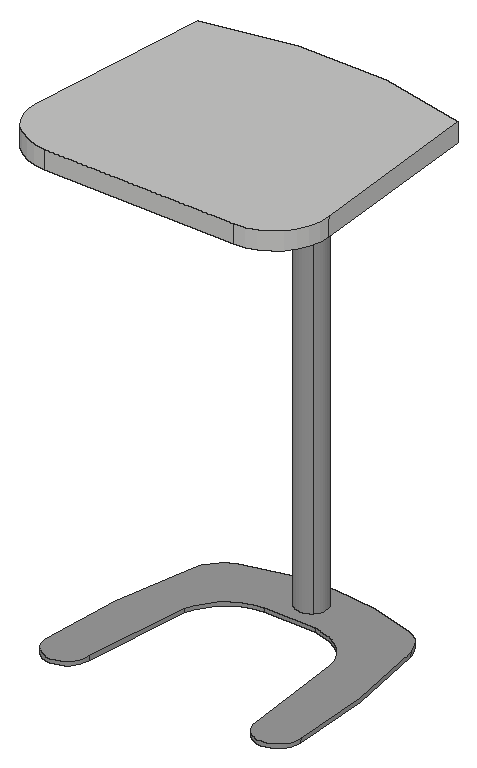
Revit family "Laptop Tables", category Furniture, Revit 2019
Family settings
  OmniClass Number = 23.40.20.00
  OmniClass Title = General Furniture and Specialties
  Work Plane-Based = No
  Always vertical = Yes
  Cut with Voids When Loaded = No
  Shared = No
  Room Calculation Point = No
Parameters (values of type "LAPST")
  URL = "www.gof.co.uk"
  Model = "LAPTOP & UTILITY"
  LAPST Top = Gresham - CONCRETE
  Range = "TABLES"
  Product Data Specification = ""
  Product Code = "LAPST"
  Product Brochure = ""
  Manufacturer = "Gresham Office Furniture"  # constant formula
  Laptop Height [instance] = if(Height Adjustable < 625 mm, 625 mm, (if(Height Adjustable > 1050 mm, 1050 mm, Height Adjustable)))  # 650 mm
  LAPST = yes
  LAPHAM Top = Gresham - BLACK MFC
  LAPHAM Plastic = Gresham - CHROME METAL
  LAPHAM Frame = Gresham - CHROME METAL
  LAPHAM = no
  LAPHA Top = Gresham - CONCRETE
  LAPHA Plastic = Gresham - Black Plastic
  LAPHA Frame = Gresham - BLACK MFC
  LAPHA = no
  Height Adjustable [instance] = 650 mm
  Height = 650 mm
  LAPST Frame = Gresham - BLACK METAL
  LAPST Feet = Gresham - Black Plastic
  H/A Catch = no
  Assembly Code = "E2020200"
Types (4, lengths in mm): name | Product Code | Laptop Height | LAPST | LAPHAM Plastic | LAPHAM | LAPHA Frame | LAPHA | Height Adjustable | LAPST Frame | H/A Catch
  (no name) | "LAPST" | 650 | yes | Gresham - CHROME METAL | no | Gresham - BLACK MFC | no | 650 | Gresham - BLACK METAL | no
  LAPHAM | "LAPHAM" | 625 | no | Gresham - Black Plastic | yes | Gresham - WHITE  METAL | no | 625 | Gresham - CHROME METAL | yes
  LAPHA | "LAPHA" | 650 | no | Gresham - CHROME METAL | no | Gresham - WHITE  METAL | yes | 650 | Gresham - BLACK METAL | yes
  LAPST | "LAPST" | 650 | yes | Gresham - CHROME METAL | no | Gresham - BLACK MFC | no | 650 | Gresham - BLACK METAL | no
Reference planes
  plane 1 "Center (Front/Back)": y = 0
  plane 2: z = 0
  plane 3 "Center (Left/Right)": x = 0
  plane 4 "Table Underside": z = 625
  plane 5: z = 650
  plane 6 "FOOT": z = 2
  plane 7: y = 160
  plane 8: y = -147.157
  plane 9: x = 145
  plane 10: x = 200.266
  plane 11: y = -175
  plane 12: y = 175
  plane 13: x = -199.734
  plane 14: y = 190
  plane 15: y = -190
  plane 16: z = 650
  plane 17: y = 190
  plane 18: y = -190
  plane 19: y = 190
  plane 20: y = -190
Forms (mm)
  Extrusion 1, solid, material "Gresham - BLACK METAL" <- "LAPST Frame", visible <- "LAPST"
    sketch origin (-70.711, 190.872, 10) x (0.707107, -0.707107, 0) y (0.707107, 0.707107, 0)
      loop
        circle (100, 0) r 20
    from -3 to 615
  Extrusion 2, solid, material "Gresham - Black Plastic" <- "LAPST Feet", visible <- "LAPST"
    sketch origin (0, -9.839, 0) x (1, 0, 0) y (0, 1, 0)
      loop
        circle (100, 102.839) r 15
      loop
        circle (-100, 102.839) r 15
      loop
        circle (145, -107.319) r 15
      loop
        circle (-145, -107.319) r 15
    from 0 to 2
  Extrusion 3, solid, material "Gresham - CONCRETE" <- "LAPST Top", visible <- "LAPST"
    sketch origin (770.195, 190.952, 625) x (0, -1, 0) y (1, 0, 0)
      loop
        line (365.952, -900.195) -> (365.952, -640.195)
        arc (365.952, -640.195) -> (343.243, -588.585) -> (289.851, -570.461) r 70
        line (289.851, -570.461) -> (43.006, -592.057)
        arc (43.006, -592.057) -> (15.952, -770.195) -> (43.006, -948.332) r 600
        line (43.006, -948.332) -> (289.851, -969.928)
        arc (289.851, -969.928) -> (343.243, -951.804) -> (365.952, -900.195) r 70
    from 0 to 25
  Extrusion 4, solid, material "Gresham - BLACK METAL" <- "LAPST Frame", visible <- "LAPST"
    sketch origin (0, -9.839, 625) x (0, -1, 0) y (1, 0, 0)
      loop
        circle (-64.839, 0) r 90
    from 0 to -4
  Extrusion 5, solid, material "Gresham - BLACK METAL" <- "LAPST Frame", visible <- "LAPST"
    sketch origin (-77.522, 611.108, 2) x (-1, 0, 0) y (0, -1, 0)
      loop
        arc (-252.522, 728.266) -> (-245.9, 616.614) -> (-226.125, 506.527) r 944.5
        arc (-226.125, 506.527) -> (-214.648, 484.775) -> (-194.189, 471.125) r 50
        arc (-194.189, 471.125) -> (-77.522, 451.108) -> (39.145, 471.125) r 350
        arc (39.145, 471.125) -> (59.604, 484.775) -> (71.08, 506.527) r 50
        arc (71.08, 506.527) -> (90.855, 616.614) -> (97.478, 728.266) r 944.5
        arc (97.478, 728.266) -> (67.478, 758.266) -> (37.478, 728.266) r 30
        arc (37.478, 728.266) -> (33.725, 655.789) -> (22.506, 584.088) r 701.676
        arc (22.506, 584.088) -> (-0.604, 545.464) -> (-42.613, 529.308) r 69
        arc (-42.613, 529.308) -> (-77.522, 528.698) -> (-112.431, 529.308) r 1000
        arc (-112.431, 529.308) -> (-154.44, 545.464) -> (-177.55, 584.088) r 69
        arc (-177.55, 584.088) -> (-188.769, 655.789) -> (-192.522, 728.266) r 701.676
        arc (-192.522, 728.266) -> (-222.522, 758.266) -> (-252.522, 728.266) r 30
    from 0 to 5
  Extrusion 6, solid, material "Gresham - BLACK MFC" <- "LAPHAM Top", visible <- "LAPHAM"
    sketch origin (0, 0, 625) x (0, -1, 0) y (1, 0, 0)
      loop
        line (73.081, 260) -> (-73.081, 260)
        arc (-73.081, 260) -> (-135.964, 237.754) -> (-170.869, 180.915) r 100
        arc (-170.869, 180.915) -> (-190, 0) -> (-170.869, -180.915) r 865
        arc (-170.869, -180.915) -> (-135.964, -237.754) -> (-73.081, -260) r 100
        line (-73.081, -260) -> (73.081, -260)
        arc (73.081, -260) -> (135.964, -237.754) -> (170.869, -180.915) r 100
        arc (170.869, -180.915) -> (190, 0) -> (170.869, 180.915) r 865
        arc (170.869, 180.915) -> (135.964, 237.754) -> (73.081, 260) r 100
    from 7 to 25
  Extrusion 7, solid, material "Gresham - CHROME METAL" <- "LAPHAM Frame", visible <- "LAPHAM"
    sketch origin (-70.711, 190.872, 310) x (0.707107, -0.707107, 0) y (0.707107, 0.707107, 0)
      loop
        circle (100, 0) r 20
    from -305 to 240
  Extrusion 8, solid, material "Gresham - CHROME METAL" <- "LAPHAM Frame", visible <- "LAPHAM"
    sketch origin (-70.711, 190.872, 555) x (0.707107, -0.707107, 0) y (0.707107, 0.707107, 0)
      loop
        circle (100, 0) r 15
    from -5 to 77
  Extrusion 9, solid, material "Gresham - CHROME METAL" <- "LAPHAM Plastic", visible <- "LAPHAM"
    sketch origin (-70.711, 190.872, 707.228) x (0.707107, -0.707107, 0) y (0.707107, 0.707107, 0)
      loop
        circle (100, 0) r 22
    from -157.228 to -152.228
  Extrusion 10, solid, material "Gresham - CHROME METAL" <- "LAPHAM Frame", visible <- "LAPHAM"
    sketch origin (0, 0, 0) x (1, 0, 0) y (0, 1, 0)
      loop
        line (200, -85.345) -> (200, 85.345)
        arc (200, 85.345) -> (188.626, 117.095) -> (159.677, 134.4) r 50
        arc (159.677, 134.4) -> (0, 150) -> (-159.677, 134.4) r 825
        arc (-159.677, 134.4) -> (-188.626, 117.095) -> (-200, 85.345) r 50
        line (-200, 85.345) -> (-200, -85.345)
        arc (-200, -85.345) -> (-188.626, -117.095) -> (-159.677, -134.4) r 50
        arc (-159.677, -134.4) -> (0, -150) -> (159.677, -134.4) r 825
        arc (159.677, -134.4) -> (188.626, -117.095) -> (200, -85.345) r 50
    from 0 to 5
  Extrusion 11, solid, material "Gresham - CONCRETE" <- "LAPHA Top", visible <- "LAPHA"
    sketch origin (770.195, 190.952, 690) x (0, -1, 0) y (1, 0, 0)
      loop
        line (365.952, -900.195) -> (365.952, -640.195)
        arc (365.952, -640.195) -> (343.243, -588.585) -> (289.851, -570.461) r 70
        line (289.851, -570.461) -> (43.006, -592.057)
        arc (43.006, -592.057) -> (15.952, -770.195) -> (43.006, -948.332) r 600
        line (43.006, -948.332) -> (289.851, -969.928)
        arc (289.851, -969.928) -> (343.243, -951.804) -> (365.952, -900.195) r 70
    from -65 to -40
  Extrusion 12, solid, material "Gresham - BLACK MFC" <- "LAPHA Frame", visible <- "LAPHA"
    sketch origin (-70.711, 190.872, 600) x (0.707107, -0.707107, 0) y (0.707107, 0.707107, 0)
      loop
        circle (100, 0) r 20
    from -595 to -50
  Extrusion 13, solid, material "Gresham - BLACK MFC" <- "LAPHA Frame", visible <- "LAPHA"
    sketch origin (0, 0, 0) x (1, 0, 0) y (0, 1, 0)
      loop
        arc (155.806, 139.778) -> (0, 155) -> (-155.806, 139.778) r 805
        arc (-155.806, 139.778) -> (-173.175, 129.395) -> (-180, 110.345) r 30
        line (-180, 110.345) -> (-180, -60.345)
        arc (-180, -60.345) -> (-173.175, -79.395) -> (-155.806, -89.778) r 30
        arc (-155.806, -89.778) -> (0, -105) -> (155.806, -89.778) r 805
        arc (155.806, -89.778) -> (173.175, -79.395) -> (180, -60.345) r 30
        line (180, -60.345) -> (180, 110.345)
        arc (180, 110.345) -> (173.175, 129.395) -> (155.806, 139.778) r 30
    from 0 to 5
  Extrusion 14, solid, material "Gresham - BLACK MFC" <- "LAPHA Frame", visible <- "LAPHA"
    sketch origin (-70.711, 190.872, 730) x (0.707107, -0.707107, 0) y (0.707107, 0.707107, 0)
      loop
        circle (100, 0) r 15
    from -175 to -105
  Extrusion 15, solid, material "Gresham - Black Plastic" <- "LAPHA Plastic", visible <- "LAPHA"
    sketch origin (-70.711, 190.872, 882.228) x (0.707107, -0.707107, 0) y (0.707107, 0.707107, 0)
      loop
        circle (100, 0) r 22
    from -332.228 to -327.228
  Extrusion 16, solid, material "Gresham - BLACK METAL", visible <- "H/A Catch"
    sketch origin (1, 0, 0) x (0, 1, 0) y (0, 0, -1)
      loop
        line (94.925, -542.839) -> (102.9, -542.839) -> (102.9, -527.839) -> (94.925, -527.839)
        arc (94.925, -527.839) -> (87.425, -535.339) -> (94.925, -542.839) r 7.5
    from 6.517 to 14.517
  Extrusion 17, solid, material "Gresham - CHROME METAL", visible <- "H/A Catch"
    sketch origin (0, 0, 0) x (0, 1, 0) y (0, 0, 1)
      loop
        arc (99.425, 535.339) -> (92.284, 538.983) -> (93.525, 531.063) r 4.5
        line (93.525, 531.063) -> (93.525, 526.063) -> (97.182, 526.063)
        arc (97.182, 526.063) -> (98.824, 527.706) -> (99.425, 529.95) r 4.49
        line (99.425, 529.95) -> (99.425, 535.339)
    from -5 to 5
  Extrusion 18, solid, material "Gresham - CHROME METAL", visible <- "H/A Catch"
    sketch origin (0, 0, 0) x (1, 0, 0) y (0, 0, 1)
      loop
        line (7.5, 496.91) -> (7.5, 519.41)
        arc (7.5, 519.41) -> (0, 526.91) -> (-7.5, 519.41) r 7.5
        line (-7.5, 519.41) -> (-7.5, 496.91)
        arc (-7.5, 496.91) -> (0, 489.41) -> (7.5, 496.91) r 7.5
    from -97.206 to -92.981
  Extrusion 19, solid, material "Gresham - BLACK METAL", visible <- "H/A Catch"
    sketch origin (-1, 0, 0) x (0, 1, 0) y (0, 0, 1)
      loop
        arc (94.925, 542.839) -> (87.425, 535.339) -> (94.925, 527.839) r 7.5
        line (94.925, 527.839) -> (102.9, 527.839) -> (102.9, 542.839) -> (94.925, 542.839)
    from 6.517 to 14.517
Dimensions and locks
  locked: plane 5 to plane 4 "Table Underside" at 25
  "Height": plane 5 to plane 2
  plane 3 "Center (Left/Right)" to Extrusion 2 sketch curve = 100 mm
  plane 6 "FOOT" to level = 2 mm
  plane 7 to Extrusion 2 sketch curve = 67 mm
  plane 8 to Extrusion 2 sketch curve = 30 mm
  plane 13 to plane 10 = 400 mm
  plane 12 to plane 11 = 350 mm
  Extrusion 6 sketch curve to Extrusion 6 sketch curve = 520 mm
  plane 15 to plane 14 = 380 mm
  locked: Extrusion 6 to Extrusion 6 at 18
  "Laptop Height": plane 16 to level
  plane 18 to plane 17 = 380 mm
  locked: Extrusion 10 to Extrusion 10 at 5
  locked: Extrusion 11 to Extrusion 11 at 25
  "Laptop Height": Extrusion 11 to level
  plane 20 to plane 19 = 380 mm
  locked: Extrusion 13 to Extrusion 13 at 5
  locked: Extrusion 9 to Extrusion 9 at 5
  locked: Extrusion 7 to level at 550
  locked: Extrusion 12 to level at 550
  locked: Extrusion 15 to Extrusion 15 at 5
  aligned and locked: level to plane 2
  aligned and locked: Extrusion 1 to plane 4 "Table Underside"
  aligned and locked: plane 16 to Extrusion 6
  aligned and locked: Extrusion 7 to Extrusion 10
  aligned and locked: Extrusion 8 to Extrusion 6
  aligned and locked: Extrusion 12 to Extrusion 13
  aligned and locked: Extrusion 15 to Extrusion 12
  aligned and locked: Extrusion 14 to Extrusion 15
  aligned and locked: Extrusion 14 to Extrusion 11
Automatic sketch dimensions
  Extrusion 1 sketch curve to plane 3 "Center (Left/Right)" = 0 mm
  plane 12 to Extrusion 1 sketch curve = 54.839 mm
  Extrusion 2 sketch curve to plane 9 = 0 mm
  plane 13 to Extrusion 2 sketch curve = 99.734 mm
  plane 13 to Extrusion 2 sketch curve = 54.734 mm
  Extrusion 2 sketch curve to plane 8 = 30 mm
  Extrusion 2 sketch curve to plane 7 = 67 mm
  Extrusion 3 sketch curve to plane 13 = 0 mm
  Extrusion 3 sketch curve to plane 11 = 0 mm
  Extrusion 3 sketch curve to plane 3 "Center (Left/Right)" = 0 mm
  plane 13 to Extrusion 3 sketch curve = 69.734 mm
  Extrusion 3 sketch curve to Extrusion 3 sketch curve = 70 mm  (x2)
  plane 10 to Extrusion 3 sketch curve = 0.533 mm
  Extrusion 3 sketch curve to Extrusion 3 sketch curve = 6.101 mm
  Extrusion 3 sketch curve to plane 12 = 27.054 mm
  plane 10 to Extrusion 3 sketch curve = 22.129 mm
  Extrusion 3 sketch curve to plane 1 "Center (Front/Back)" = 147.946 mm
  Extrusion 3 sketch curve to plane 11 = 250 mm
  Extrusion 4 sketch curve to plane 3 "Center (Left/Right)" = 0 mm
  Extrusion 4 sketch curve to plane 1 "Center (Front/Back)" = 55 mm
  Extrusion 5 sketch curve to plane 3 "Center (Left/Right)" = 0 mm  (x2)
  Extrusion 5 sketch curve to plane 1 "Center (Front/Back)" = 12.843 mm  (x2)
  plane 3 "Center (Left/Right)" to Extrusion 5 sketch curve = 32.5 mm
  plane 3 "Center (Left/Right)" to Extrusion 5 sketch curve = 100 mm
  plane 10 to Extrusion 5 sketch curve = 55.266 mm
  plane 11 to Extrusion 5 sketch curve = 57.843 mm  (x2)
  Extrusion 5 sketch curve to plane 10 = 386.41 mm
  Extrusion 5 sketch curve to Extrusion 5 sketch curve = 182.824 mm  (x2)
  Extrusion 5 sketch curve to plane 3 "Center (Left/Right)" = 32.5 mm
  plane 13 to Extrusion 5 sketch curve = 99.734 mm
  plane 13 to Extrusion 5 sketch curve = 54.734 mm
  Extrusion 5 sketch curve to plane 13 = 386.942 mm
  Extrusion 5 sketch curve to plane 12 = 82.157 mm  (x2)
  Extrusion 5 sketch curve to plane 11 = 15 mm
  Extrusion 5 sketch curve to Extrusion 5 sketch curve = 727.59 mm
  plane 3 "Center (Left/Right)" to Extrusion 5 sketch curve = 34.909 mm
  Extrusion 5 sketch curve to Extrusion 5 sketch curve = 0 mm  (x10)
  Extrusion 5 sketch curve to plane 12 = 35.017 mm
  Extrusion 6 sketch curve to plane 3 "Center (Left/Right)" = 0 mm  (x2)
  Extrusion 6 sketch curve to plane 14 = 485 mm
  Extrusion 6 sketch curve to plane 1 "Center (Front/Back)" = 73.081 mm  (x2)
  plane 1 "Center (Front/Back)" to Extrusion 6 sketch curve = 73.081 mm  (x2)
  Extrusion 6 sketch curve to plane 15 = 485 mm
  plane 13 to Extrusion 6 sketch curve = 39.734 mm  (x2)
  Extrusion 6 sketch curve to plane 13 = 60.266 mm
  plane 10 to Extrusion 6 sketch curve = 40.266 mm  (x2)
  Extrusion 6 sketch curve to Extrusion 6 sketch curve = 0 mm  (x2)
  Extrusion 7 sketch curve to plane 3 "Center (Left/Right)" = 0 mm
  plane 12 to Extrusion 7 sketch curve = 54.839 mm
  Extrusion 8 sketch curve to plane 3 "Center (Left/Right)" = 0 mm
  plane 12 to Extrusion 8 sketch curve = 54.839 mm
  Extrusion 9 sketch curve to plane 3 "Center (Left/Right)" = 0 mm
  plane 12 to Extrusion 9 sketch curve = 54.839 mm
  Extrusion 10 sketch curve to plane 3 "Center (Left/Right)" = 0 mm  (x2)
  plane 13 to Extrusion 10 sketch curve = 49.734 mm  (x2)
  Extrusion 10 sketch curve to plane 13 = 0.266 mm
  plane 10 to Extrusion 10 sketch curve = 50.266 mm  (x2)
  plane 10 to Extrusion 10 sketch curve = 0.266 mm
  Extrusion 10 sketch curve to plane 18 = 485 mm
  plane 1 "Center (Front/Back)" to Extrusion 10 sketch curve = 85.345 mm  (x2)
  Extrusion 10 sketch curve to plane 1 "Center (Front/Back)" = 85.345 mm  (x2)
  Extrusion 10 sketch curve to plane 17 = 485 mm
  Extrusion 10 sketch curve to Extrusion 10 sketch curve = 0 mm  (x2)
  Extrusion 11 sketch curve to plane 13 = 0 mm
  Extrusion 11 sketch curve to plane 11 = 0 mm
  Extrusion 11 sketch curve to plane 3 "Center (Left/Right)" = 0 mm
  plane 13 to Extrusion 11 sketch curve = 69.734 mm
  Extrusion 11 sketch curve to Extrusion 11 sketch curve = 70 mm  (x2)
  plane 10 to Extrusion 11 sketch curve = 0.533 mm
  Extrusion 11 sketch curve to Extrusion 11 sketch curve = 6.101 mm
  Extrusion 11 sketch curve to plane 12 = 27.054 mm
  plane 10 to Extrusion 11 sketch curve = 22.129 mm
  Extrusion 11 sketch curve to plane 1 "Center (Front/Back)" = 147.946 mm
  Extrusion 11 sketch curve to plane 11 = 250 mm
  Extrusion 12 sketch curve to plane 3 "Center (Left/Right)" = 0 mm
  plane 12 to Extrusion 12 sketch curve = 54.839 mm
  Extrusion 13 sketch curve to plane 3 "Center (Left/Right)" = 0 mm  (x2)
  plane 13 to Extrusion 13 sketch curve = 49.734 mm  (x2)
  plane 13 to Extrusion 13 sketch curve = 19.734 mm
  plane 10 to Extrusion 13 sketch curve = 50.266 mm  (x2)
  plane 10 to Extrusion 13 sketch curve = 20.266 mm
  Extrusion 13 sketch curve to plane 20 = 460 mm
  plane 1 "Center (Front/Back)" to Extrusion 13 sketch curve = 60.345 mm  (x2)
  Extrusion 13 sketch curve to plane 12 = 64.655 mm  (x2)
  Extrusion 13 sketch curve to plane 19 = 510 mm
  Extrusion 13 sketch curve to Extrusion 13 sketch curve = 0 mm  (x2)
  Extrusion 14 sketch curve to plane 3 "Center (Left/Right)" = 0 mm
  plane 12 to Extrusion 14 sketch curve = 54.839 mm
  Extrusion 15 sketch curve to plane 3 "Center (Left/Right)" = 0 mm
  plane 12 to Extrusion 15 sketch curve = 54.839 mm
  Extrusion 16 sketch curve to plane 12 = 80.075 mm
  Extrusion 16 sketch curve to Extrusion 16 sketch curve = 7.975 mm
  plane 4 "Table Underside" to Extrusion 16 sketch curve = 82.161 mm
  Extrusion 16 sketch curve to Extrusion 16 sketch curve = 7.5 mm
  Extrusion 17 sketch curve to plane 12 = 81.475 mm
  Extrusion 17 sketch curve to Extrusion 17 sketch curve = 1.4 mm
  Extrusion 17 sketch curve to Extrusion 17 sketch curve = 1.41 mm
  Extrusion 17 sketch curve to Extrusion 17 sketch curve = 3.657 mm
  Extrusion 17 sketch curve to Extrusion 17 sketch curve = 2.243 mm
  plane 4 "Table Underside" to Extrusion 17 sketch curve = 98.937 mm
  Extrusion 17 sketch curve to Extrusion 17 sketch curve = 1.113 mm
  Extrusion 18 sketch curve to plane 3 "Center (Left/Right)" = 0 mm
  Extrusion 18 sketch curve to plane 3 "Center (Left/Right)" = 7.5 mm
  plane 4 "Table Underside" to Extrusion 18 sketch curve = 128.09 mm
  Extrusion 18 sketch curve to Extrusion 18 sketch curve = 22.5 mm
  Extrusion 19 sketch curve to plane 12 = 80.075 mm
  Extrusion 19 sketch curve to Extrusion 19 sketch curve = 7.975 mm
  plane 4 "Table Underside" to Extrusion 19 sketch curve = 97.161 mm
  Extrusion 19 sketch curve to Extrusion 19 sketch curve = 7.5 mm
  radius of Extrusion 1 sketch curve = 20 mm
  radius of Extrusion 2 sketch curve = 15 mm  (x4)
  radius of Extrusion 4 sketch curve = 90 mm
  radius of Extrusion 7 sketch curve = 20 mm
  radius of Extrusion 8 sketch curve = 15 mm
  radius of Extrusion 9 sketch curve = 22 mm
  radius of Extrusion 12 sketch curve = 20 mm
  radius of Extrusion 14 sketch curve = 15 mm
  radius of Extrusion 15 sketch curve = 22 mm
